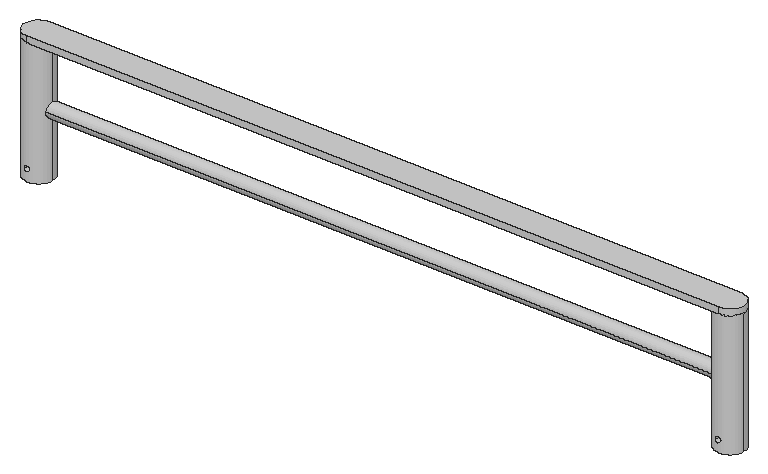
Revit family "URBANE II 625MM DOUBLE TOWEL RAIL", category Specialty Equipment, host Face, Revit 2019
Family settings
  Host = Face
  Round Connector Dimension = Use Radius
  Part Type = Normal
  OmniClass Number = 23.40.20.21.27
  OmniClass Title = Towel Bars
  Cut with Voids When Loaded = No
  Shared = No
  Room Calculation Point = No
Parameters (values of type "URBANE II 625MM DOUBLE TOWEL RAIL - Chrome")
  URL = "https://www.caroma.com.au/"
  RailWidth = 600 mm
  Model = "99626C"
  Material_Base = GWA_Metal-Chrome
  Manufacturer = "GWA Bathrooms & Kitchens"  # constant formula
  Description = "URBANE II 625MM DOUBLE TOWEL RAIL - Chrome"
  Default Elevation = 1000 mm
  CreatedBy_ANZRS = "GWA Bathrooms & Kitchens"  # constant formula
  Assembly Code = "C1030220"
Types (6, lengths in mm): name | Model | Material_Base | Description
  (no name) | "99626C" | GWA_Metal-Chrome | "URBANE II 625MM DOUBLE TOWEL RAIL - Chrome"
  URBANE II 625MM DOUBLE TOWEL RAIL - Chrome | "99626C" | GWA_Metal-Chrome | "URBANE II 625MM DOUBLE TOWEL RAIL - Chrome"
  URBANE II 625MM DOUBLE TOWEL RAIL - Matte Black | "99626B" | GWA-Metal-Black | "URBANE II 625MM DOUBLE TOWEL RAIL - Matte Black"
  URBANE II 625MM DOUBLE TOWEL RAIL  - Brushed Brass | "99626BB" | GWA_Metal-Brushed-Brass | "URBANE II 625MM DOUBLE TOWEL RAIL - Brushed Brass"
  URBANE II 625MM DOUBLE TOWEL RAIL - Gunmetal | "99626GM" | GWA-Metal-Gunmetal Grey | "URBANE II 625MM DOUBLE TOWEL RAIL - Gunmetal"
  URBANE II 625MM DOUBLE TOWEL RAIL - Brushed Nickel | "99626BN" | GWA_Metal-Brushed-Nickel | "URBANE II 625MM DOUBLE TOWEL RAIL - Brushed Nickel"
Reference planes
  plane 1 "Center (Front/Back)": y = 0
  plane 2: z = 0
  plane 3 "Center (Left/Right)": x = 0
  plane 4 "LeftSupport": x = -300
  plane 5 "RightSupport": x = 300
  plane 6 "Rail": z = 108
Forms (mm)
  Extrusion 1, solid, material "GWA_Metal-Chrome" <- "Material_Base"
    sketch origin (0, 0, 0) x (1, 0, 0) y (0, 1, 0)
      loop
        circle (-300, 0) r 12.5
    from 0 to 108
  Extrusion 2, solid, material "GWA_Metal-Chrome" <- "Material_Base"
    sketch origin (0, 0, 0) x (1, 0, 0) y (0, 1, 0)
      loop
        circle (300, 0) r 12.5
    from 0 to 108
  Extrusion 3, solid, material "GWA_Metal-Chrome" <- "Material_Base"
    sketch origin (0, 0, 108) x (-1, 0, 0) y (0, -1, 0)
      loop
        arc (300, -12.5) -> (312.5, 0) -> (300, 12.5) r 12.5
        line (300, 12.5) -> (-300, 12.5)
        arc (-300, 12.5) -> (-312.5, 0) -> (-300, -12.5) r 12.5
        line (-300, -12.5) -> (300, -12.5)
    from 0 to 5
  Extrusion 4, solid, material "GWA_Metal-Chrome" <- "Material_Base"
    sketch origin (300, 0, 7.124) x (0, 1, 0) y (0, 0, 1)
      loop
        circle (0, 47.876) r 6.35
    from 0 to -600
  Extrusion 5, void
    sketch origin (0, 0, 0) x (1, 0, 0) y (0, 0, 1)
      loop
        circle (-300, 10) r 2.5
    from 0 to 30
  Extrusion 6, void
    sketch origin (0, 0, 0) x (-1, 0, 0) y (0, 0, -1)
      loop
        circle (-300, -10) r 2.5
    from 0 to 30
Cuts and joins
  Extrusion 5, Extrusion 6 cuts Extrusion 1
  Extrusion 6 cuts Extrusion 2
  joined: Extrusion 1, Extrusion 2, Extrusion 4
  Extrusion 6 cuts Extrusion 3
Lines and regions (mm)
  Masking region 1
    outline origin (0, 0, 108) x (-1, 0, 0) y (0, -1, 0)
      loop
        line (-300, -12.5) -> (300, -12.5)
        arc (300, -12.5) -> (312.5, 0) -> (300, 12.5) r 12.5
        line (300, 12.5) -> (-300, 12.5)
        arc (-300, 12.5) -> (-312.5, 0) -> (-300, -12.5) r 12.5
  Masking region 2
    outline origin (0, 0, 0) x (1, 0, 0) y (0, 0, 1)
      loop
        line (312.5, 113) -> (-312.5, 113) -> (-312.5, 108) -> (-312.5, 0) -> (-287.5, 0) -> (-287.5, 48.65) -> (287.5, 48.65) -> (287.5, 0) -> (312.5, 0) -> (312.5, 108) -> (312.5, 113)
      loop
        line (-287.5, 108) -> (-287.5, 61.35) -> (287.5, 61.35) -> (287.5, 108) -> (-287.5, 108)
  Masking region 3
    outline origin (300, 0, 0) x (0, 1, 0) y (0, 0, 1)
      loop
        line (-12.5, 113) -> (-12.5, 0) -> (12.5, 0) -> (12.5, 113) -> (-12.5, 113)
  symbolic lines
    curve 1: arc (-300, 12.5, 108) -> (-312.5, 0, 108) -> (-300, -12.5, 108) r 12.5
    curve 2: line (300, 12.5, 108) -> (-300, 12.5, 108)
    curve 3: line (300, -12.5, 108) -> (-300, -12.5, 108)
    curve 4: arc (300, -12.5, 108) -> (312.5, 0, 108) -> (300, 12.5, 108) r 12.5
    curve 5: line (312.5, 0, 108) -> (312.5, 0, 0)
    curve 6: line (312.5, 0, 0) -> (287.5, 0, 0)
    curve 7: line (287.5, 0, 0) -> (287.5, 0, 48.65)
    curve 8: line (287.5, 0, 108) -> (287.5, 0, 61.35)
    curve 9: arc (287.5, 0, 61.35) -> (289.233, 0, 55) -> (287.5, 0, 48.65) r 12.5
    curve 10: line (312.5, 0, 113) -> (-312.5, 0, 113)
    curve 11: line (312.5, 0, 108) -> (312.5, 0, 113)
    curve 12: line (-312.5, 0, 108) -> (312.5, 0, 108)
    curve 13: line (-312.5, 0, 113) -> (-312.5, 0, 108)
    curve 14: line (-287.5, 0, 108) -> (-287.5, 0, 61.35)
    curve 15: line (-312.5, 0, 108) -> (-312.5, 0, 0)
    curve 16: line (-287.5, 0, 0) -> (-287.5, 0, 48.65)
    curve 17: arc (-287.5, 0, 48.65) -> (-289.233, 0, 55) -> (-287.5, 0, 61.35) r 12.5
    curve 18: line (-312.5, 0, 0) -> (-287.5, 0, 0)
    curve 19: line (-287.5, 0, 61.35) -> (287.5, 0, 61.35)
    curve 20: line (287.5, 0, 48.65) -> (-287.5, 0, 48.65)
    curve 21: line (300, -12.5, 113) -> (300, 12.5, 113)
    curve 22: line (300, -12.5, 108) -> (300, -12.5, 113)
    curve 23: line (300, 12.5, 108) -> (300, -12.5, 108)
    curve 24: line (300, 12.5, 113) -> (300, 12.5, 108)
    curve 25: line (300, -12.5, 0) -> (300, -12.5, 108)
    curve 26: line (300, 12.5, 0) -> (300, -12.5, 0)
    curve 27: line (300, 12.5, 108) -> (300, 12.5, 0)
Dimensions and locks
  "RailWidth": plane 4 "LeftSupport" to plane 5 "RightSupport"
  equal spacing: plane 4 "LeftSupport", plane 3 "Center (Left/Right)", plane 5 "RightSupport"
  aligned and locked: plane 2 to host face
  aligned and locked: level to host face
  aligned and locked: Extrusion 4 to plane 4 "LeftSupport"
  aligned and locked: plane 5 "RightSupport" to Extrusion 4
Automatic sketch dimensions
  host sketch curve to host sketch curve = 2438.4 mm  (x2)
  plane 1 "Center (Front/Back)" to Extrusion 1 sketch curve = 0 mm
  Extrusion 1 sketch curve to plane 4 "LeftSupport" = 0 mm
  plane 1 "Center (Front/Back)" to Extrusion 2 sketch curve = 0 mm
  Extrusion 2 sketch curve to plane 5 "RightSupport" = 0 mm
  Extrusion 3 sketch curve to plane 5 "RightSupport" = 0 mm
  Extrusion 3 sketch curve to plane 4 "LeftSupport" = 0 mm
  plane 1 "Center (Front/Back)" to Extrusion 3 sketch curve = 0 mm
  Extrusion 3 sketch curve to plane 1 "Center (Front/Back)" = 12.5 mm
  Extrusion 4 sketch curve to plane 1 "Center (Front/Back)" = 0 mm
  Extrusion 4 sketch curve to plane 6 "Rail" = 53 mm
  Extrusion 5 sketch curve to plane 4 "LeftSupport" = 0 mm
  level to Extrusion 5 sketch curve = 10 mm
  Extrusion 6 sketch curve to plane 5 "RightSupport" = 0 mm
  Extrusion 6 sketch curve to level = 10 mm
  curve 1 to plane 4 "LeftSupport" = 0 mm
  plane 1 "Center (Front/Back)" to curve 4 = 12.5 mm
  curve 3 to plane 5 "RightSupport" = 0 mm
  plane 1 "Center (Front/Back)" to curve 4 = 0 mm
  Masking region 1 sketch curve to plane 5 "RightSupport" = 0 mm
  Masking region 1 sketch curve to plane 4 "LeftSupport" = 0 mm
  plane 1 "Center (Front/Back)" to Masking region 1 sketch curve = 0 mm
  Masking region 1 sketch curve to Masking region 1 sketch curve = 12.5 mm
  curve 13 to plane 6 "Rail" = 0 mm
  curve 18 to level = 0 mm
  curve 7 to level = 0 mm
  plane 6 "Rail" to curve 13 = 5 mm
  curve 13 to plane 4 "LeftSupport" = 12.5 mm
  plane 4 "LeftSupport" to curve 16 = 12.5 mm
  plane 4 "LeftSupport" to curve 14 = 12.5 mm
  curve 17 to curve 17 = 10.767 mm
  curve 9 to plane 5 "RightSupport" = 23.267 mm
  curve 7 to plane 5 "RightSupport" = 12.5 mm
  curve 19 to plane 5 "RightSupport" = 12.5 mm
  plane 5 "RightSupport" to curve 11 = 12.5 mm
  curve 16 to curve 16 = 48.65 mm
  curve 16 to curve 17 = 6.35 mm
  Masking region 2 sketch curve to plane 6 "Rail" = 0 mm  (x3)
  Masking region 2 sketch curve to level = 0 mm  (x2)
  plane 6 "Rail" to Masking region 2 sketch curve = 5 mm
  Masking region 2 sketch curve to plane 4 "LeftSupport" = 12.5 mm
  plane 4 "LeftSupport" to Masking region 2 sketch curve = 12.5 mm  (x2)
  Masking region 2 sketch curve to plane 5 "RightSupport" = 12.5 mm  (x2)
  plane 5 "RightSupport" to Masking region 2 sketch curve = 12.5 mm
  Masking region 2 sketch curve to Masking region 2 sketch curve = 48.65 mm
  Masking region 2 sketch curve to Masking region 2 sketch curve = 12.7 mm
  curve 26 to level = 0 mm
  curve 25 to plane 6 "Rail" = 0 mm
  plane 6 "Rail" to curve 21 = 5 mm
  plane 1 "Center (Front/Back)" to curve 21 = 12.5 mm
  curve 23 to plane 1 "Center (Front/Back)" = 12.5 mm
  Masking region 3 sketch curve to level = 0 mm
  plane 1 "Center (Front/Back)" to Masking region 3 sketch curve = 12.5 mm
  Masking region 3 sketch curve to plane 1 "Center (Front/Back)" = 12.5 mm
  plane 6 "Rail" to Masking region 3 sketch curve = 5 mm
  radius of Extrusion 1 sketch curve = 12.5 mm
  radius of Extrusion 2 sketch curve = 12.5 mm
  radius of Extrusion 4 sketch curve = 6.35 mm
  radius of Extrusion 5 sketch curve = 2.5 mm
  radius of Extrusion 6 sketch curve = 2.5 mm
